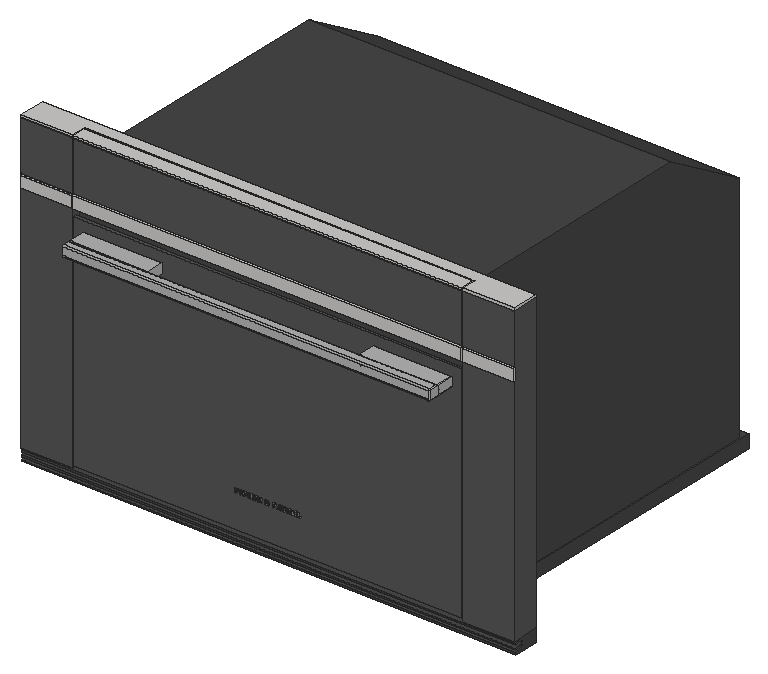
Revit family "FP_Revit_18_OM24NDB1_w_TK30NDB1_Microwave_Oven_w_30in_Trimkit_90000811A", category Specialty Equipment, Revit 2018
Family settings
  Round Connector Dimension = Use Diameter
  Part Type = Normal
  OmniClass Number = 23.40.40.14.17.31
  OmniClass Title = Small Specialized Cooking Equipment
  Work Plane-Based = No
  Always vertical = Yes
  Cut with Voids When Loaded = Yes
  Shared = No
  Room Calculation Point = No
Parameters (values of type "OM24NDB1 + TK30NDB1")
  Visibility - Clearance Required = yes
  URL = "www.fisherpaykel.com"
  Product - Width = 757 mm  # constant formula
  Product - Height = 478 mm  # constant formula
  Product - Depth = 614 mm  # constant formula
  Model = "OM24NDB1 + TK30NDB1"
  Material - Trim = Fisher & Paykel - Stainless Steel
  Material - Structure = Fisher & Paykel - Black
  Material - Handle = Fisher & Paykel - Aluminium
  Material - Glass = Fisher & Paykel - Glass, Black
  Material - Body = Fisher & Paykel - Black
  Manufacturer = "Fisher & Paykel Appliances"
  FFL Offset [instance] = 900 mm
  Description = "24\" Microwave Oven + 30\" Trimkit"
  Connector Description - Electrical = "120/240 V or 12/208 V, 60 Hz, 13 or 14 A"
  Chassis - Width = 560 mm  # constant formula
  Chassis - Height = 446 mm  # constant formula
  Chassis - Depth = 540 mm  # constant formula
  Cavity - Width = 560 mm  # constant formula
  Cavity - Height = 480 mm  # constant formula
  Cavity - Depth = 560 mm  # constant formula
Reference planes
  plane 1 "Center (Front/Back)": y = 0
  plane 2: z = 0
  plane 3 "Center (Left/Right)": x = 0
  plane 4: z = 1380
  plane 5: z = 1378
  plane 6 "Product LHS": x = -378.5
  plane 7 "Product RHS": x = 378.5
  plane 8 "Product - Depth": y = 0
  plane 9 "Cavity LHS": x = -380
  plane 10 "Cavity RHS": x = 380
  plane 11 "Cavity - Depth": y = 560
  plane 12 "Front Face": y = -41.5
  plane 13 "Chassis - Height": z = 0
  plane 14 "Product Depth": y = 540
  plane 15 "FFL Offset": z = 900
Forms (mm)
  Extrusion 1, void
    sketch origin (0, 0, 0) x (0, 1, 0) y (0, 0, 1)
      loop
        line (-41.5, 1380) -> (-41.5, 900) -> (0, 900) -> (0, 1380) -> (-41.5, 1380)
    from -380 to 380
  Extrusion 2, void
    sketch origin (0, 0, 0) x (0, 1, 0) y (0, 0, 1)
      loop
        line (560, 1370) -> (0, 1370) -> (0, 900) -> (560, 900) -> (560, 1370)
    from -280 to 280
Text (mm)
  text "Due to ongoing product development, product details are subject to change without notice. \nPlease always refer to www.fisherpaykel.com for the most current product information. \n© Fisher & Paykel 2020" at (41.04, -413.295, 0), in view "Ref. Level (Plan)"
Dimensions and locks
  equal spacing: plane 6 "Product LHS", plane 3 "Center (Left/Right)", plane 7 "Product RHS"
  "Product - Width": plane 6 "Product LHS" to plane 7 "Product RHS"
  equal spacing: plane 9 "Cavity LHS", plane 3 "Center (Left/Right)", plane 10 "Cavity RHS"
  locked: plane 9 "Cavity LHS" to plane 10 "Cavity RHS" at 760
  plane 12 "Front Face" to plane 1 "Center (Front/Back)" = 41.5 mm
  "Chassis - Depth": plane 1 "Center (Front/Back)" to plane 14 "Product Depth"
  "FFL Offset": plane 15 "FFL Offset" to level
  "Cavity - Depth": plane 1 "Center (Front/Back)" to plane 11 "Cavity - Depth"
  "Product - Height": plane 5 to plane 15 "FFL Offset"
  "Cavity - Height": plane 4 to plane 15 "FFL Offset"
  "Cavity - Width": Extrusion 2 to Extrusion 2
  aligned and locked: level to plane 2
  aligned and locked: plane 15 "FFL Offset" to nested 2
  aligned and locked: nested 2 to plane 8 "Product - Depth"
  aligned and locked: plane 12 "Front Face" to nested 2
  aligned and locked: plane 12 "Front Face" to Extrusion 1 sketch curve
  aligned and locked: Extrusion 1 sketch curve to plane 8 "Product - Depth"
  aligned and locked: plane 15 "FFL Offset" to Extrusion 1 sketch curve
  aligned and locked: Extrusion 1 sketch curve to plane 4
  aligned and locked: Extrusion 1 to plane 10 "Cavity RHS"
  aligned and locked: plane 9 "Cavity LHS" to Extrusion 1
  aligned and locked: Extrusion 2 sketch curve to plane 8 "Product - Depth"
  aligned and locked: Extrusion 2 sketch curve to plane 15 "FFL Offset"
  aligned and locked: plane 11 "Cavity - Depth" to Extrusion 2 sketch curve
  aligned and locked: Extrusion 2 sketch curve to nested 2
Nested families
  nested 1: "FP_Revit_18_OM24NDB1_Microwave_Oven_90000811A" at (0, -19.5, 20), FFL Offset <- "FFL Offset", type "OM24NDB1"
    with FFL Offset 900 mm
  nested 2: "FP_Revit_18_TK30ND_Trimkits_90001187A" at (0, 0, 0), FFL Offset <- "FFL Offset", type "TK30NDB1"
    with FFL Offset 900 mm
Connectors
  electrical at (-193.854, 529.119, 959.454), driven by "Connector Description - Electrical"
    settings: on nested 1, index 1, voltage 120 V, apparent load 0 VA, apparent load phase1 0 VA, apparent load phase2 0 VA, apparent load phase3 0 VA, power factor 1, load classification "Other", number of poles 1, system type 30, power factor state 1, is connector primary yes, connector utility no, sub classification motor no, connector description "120/240 V or 12/208 V, 60 Hz, 13 or 14 A"
Definition of nested family "FP_Revit_18_OM24NDB1_Microwave_Oven_90000811A"
  Parameters (values of type "OM24NDBB1")
    Visibility - Clearance Required = yes
    URL = "www.fisherpaykel.com"
    Product - Width = 596 mm  # constant formula
    Product - Height = 458 mm  # constant formula
    Product - Depth = 562 mm  # constant formula
    Model = "OM24NDBB1"
    Material - Trim = none
    Material - Structure = none
    Material - Handle = none
    Material - Glass = none
    Material - Body = none
    Manufacturer = "Fisher & Paykel Appliances"
    FFL Offset [instance] = 900 mm
    Description = "24\" Microwave Oven"
    Connector Description - Electrical = "120/240 V or 12/208 V, 60 Hz, 13 or 14 A"
    Chassis - Width = 556 mm  # constant formula
    Chassis - Height = 446 mm  # constant formula
    Chassis - Depth = 540 mm  # constant formula
    Cavity - Width = 600 mm  # constant formula
    Cavity - Height = 460 mm  # constant formula
    Cavity - Depth = 560 mm  # constant formula
  Types (4, lengths in mm): name | Model | Description | Connector Description - Electrical
    OS24NDB1 | "OS24NDB1" | "24\" Steam Oven" | "208 V or 240 V, 60 Hz, 10.8 or 12.5 A"
    OM24NDB1 | "OM24NDB1" | "24\" Microwave Oven" | "120/240 V or 12/208 V, 60 Hz, 13 or 14 A"
    OM24NDBB1 | "OM24NDBB1" | "24\" Microwave Oven" | "120/240 V or 12/208 V, 60 Hz, 13 or 14 A"
    OS24NDBB1 | "OS24NDBB1" | "24\" Steam Oven" | "208 V or 240 V, 60 Hz, 10.8 or 12.5 A"
  Reference planes
    plane 1 "Center (Front/Back)": y = 0
    plane 2: z = 0
    plane 3 "Center (Left/Right)": x = 0
    plane 4: z = 1360
    plane 5: z = 1358
    plane 6 "Product LHS": x = -298
    plane 7 "Product RHS": x = 298
    plane 8 "Product - Depth": y = 0
    plane 9 "Cavity LHS": x = -300
    plane 10 "Cavity RHS": x = 300
    plane 11 "Cavity - Depth": y = 560
    plane 12 "Front Face": y = -22
    plane 13 "Chassis - Height": z = 0
    plane 14 "Product Depth": y = 540
    plane 15 "FFL Offset": z = 900
  Forms (mm)
    Extrusion 1, solid, material <- "Material - Body"
      sketch origin (0, 0, 0) x (0, 1, 0) y (0, 0, 1)
        loop
          line (0, 1346) -> (0, 907.28) -> (5.16, 907.28) -> (5.16, 900) -> (534.187, 900) -> (534.187, 1257.991) -> (403.295, 1336.64) -> (24.316, 1336.64) -> (8.71, 1346) -> (0, 1346)
      from -278 to 278
    Extrusion 2, solid, material <- "Material - Structure", detail levels fine
      sketch origin (0, 0, 0) x (0, 1, 0) y (0, 0, 1)
        loop
          line (0, 1353.9) -> (-2, 1353.9) -> (-2, 1355) -> (-18, 1355) -> (-18, 1258) -> (-9.89, 1258) -> (-9.89, 907.28) -> (0, 907.28) -> (0, 1353.9)
      from -298 to 298
    Extrusion 3, solid, material <- "Material - Trim", detail levels fine
      sketch origin (0, 0, 0) x (0, 1, 0) y (0, 0, 1)
        loop
          line (-22, 1358) -> (-22, 1355) -> (-2, 1355) -> (-2, 1358) -> (-22, 1358)
      from -298 to 298
    Extrusion 4, solid, material <- "Material - Glass", detail levels fine
      sketch origin (0, 0, 0) x (0, 1, 0) y (0, 0, 1)
        loop
          line (-18, 1355) -> (-20.262, 1355)
          arc (-20.262, 1355) -> (-21.236, 1354.682) -> (-22, 1354) r 2.5
          line (-22, 1354) -> (-22, 1258) -> (-18, 1258) -> (-18, 1355)
      from -298 to 298
    Extrusion 5, solid, material <- "Material - Glass", detail levels fine
      sketch origin (0, 0, 0) x (0, 1, 0) y (0, 0, 1)
        loop
          line (-22, 1246.53) -> (-22, 904.53) -> (-18, 904.53) -> (-18, 1246.53) -> (-22, 1246.53)
      from -298 to 298
    Extrusion 6, solid, material <- "Material - Structure", detail levels fine
      sketch origin (0, 0, 0) x (0, 1, 0) y (0, 0, 1)
        loop
          line (-18, 1229.33) -> (-18, 907.28) -> (-9.89, 907.28) -> (-9.89, 1229.33) -> (-18, 1229.33)
      from -278 to 278
    Extrusion 7, void
      sketch origin (0, 0, 0) x (1, 0, 0) y (0, 0, 1)
        loop
          line (-158.462, 1052.91) -> (-229.24, 1052.91)
          arc (-229.24, 1052.91) -> (-232.776, 1051.446) -> (-234.24, 1047.91) r 5
          line (-234.24, 1047.91) -> (-234.24, 955.13)
          arc (-234.24, 955.13) -> (-232.776, 951.594) -> (-229.24, 950.13) r 5
          line (-229.24, 950.13) -> (-158.462, 950.13)
          arc (-158.462, 950.13) -> (-154.926, 951.594) -> (-153.462, 955.13) r 5
          line (-153.462, 955.13) -> (-153.462, 1047.91)
          arc (-153.462, 1047.91) -> (-154.926, 1051.446) -> (-158.462, 1052.91) r 5
      from -539.6 to -521.6
    Sweep 8, void
      path in 3D
        loop
          arc (-153.462, 521.6, 955.13) -> (-154.926, 521.6, 951.594) -> (-158.462, 521.6, 950.13) r 5
          line (-158.462, 521.6, 950.13) -> (-229.24, 521.6, 950.13)
          arc (-229.24, 521.6, 950.13) -> (-232.776, 521.6, 951.594) -> (-234.24, 521.6, 955.13) r 5
          line (-234.24, 521.6, 955.13) -> (-234.24, 521.6, 1047.91)
          arc (-234.24, 521.6, 1047.91) -> (-232.776, 521.6, 1051.446) -> (-229.24, 521.6, 1052.91) r 5
          line (-229.24, 521.6, 1052.91) -> (-158.462, 521.6, 1052.91)
          arc (-158.462, 521.6, 1052.91) -> (-154.926, 521.6, 1051.446) -> (-153.462, 521.6, 1047.91) r 5
          line (-153.462, 521.6, 1047.91) -> (-153.462, 521.6, 955.13)
      profile origin (-153.462, 521.6, 1001.52) x (-1, 0, 0) y (0, -1, 0)
        loop
          line (0, 0) -> (-21.3, -12.587) -> (0, -12.587) -> (0, 0)
    Extrusion 9, solid, material <- "Material - Body", detail levels medium+fine
      sketch origin (0, 0, -100) x (1, 0, 0) y (0, 0, 1)
        loop
          line (-175.354, 1115.273) -> (-212.354, 1115.273) -> (-212.354, 1057.273) -> (-175.354, 1057.273) -> (-175.354, 1115.273)
      from -540 to -521.6
    Extrusion 10, solid, material <- "Material - Trim", detail levels fine
      sketch origin (0, 0, 0) x (0, 1, 0) y (0, 0, 1)
        loop
          line (-22, 1258) -> (-22, 1277.8) -> (-22.8, 1277.8) -> (-23.7, 1275.5) -> (-23.7, 1258) -> (-22, 1258)
      from -298 to 298
    Extrusion 11, solid, visible <- "Visibility - Clearance Required", detail levels coarse
      sketch origin (0, 0, 0) x (1, 0, 0) y (0, 1, 0)
        loop
          line (-280, 0) -> (280, 0) -> (280, 548.619) -> (-280, 548.619) -> (-280, 0)
      from 900 to 1360
    Extrusion 12, solid, visible <- "Visibility - Clearance Required", detail levels coarse
      sketch origin (0, 0, 0) x (0, 1, 0) y (0, 0, 1)
        loop
          arc (-22, 1246.53) -> (-241.159, 1161.206) -> (-341.563, 948.532) r 317.644
          line (-341.563, 948.532) -> (-326.406, 946.445) -> (-332.106, 905.048) -> (-316.871, 902.951) -> (-311.171, 944.347) -> (-22, 904.53) -> (-22, 900) -> (0, 900) -> (0, 1360) -> (-22, 1360) -> (-22, 1246.53)
      from -300 to 300
    Sweep 13, solid, material <- "Material - Body", detail levels fine
      path origin (0, 0, -100) x (0, 1, 0) y (0, 0, 1)
        loop
          arc (530.8, 1057.273) -> (536.019, 1044.673) -> (548.619, 1039.454) r 17.819
      profile origin (0, 536.019, 944.673) x (0, 0.707107, 0.707107) y (1, 0, 0)
        loop
          circle (0, -193.854) r 5
    Extrusion 14, solid, material <- "Material - Glass", detail levels coarse+medium
      sketch origin (0, 0, 0) x (0, 1, 0) y (0, 0, 1)
        loop
          line (-22, 1358) -> (-22, 1258) -> (-9.89, 1258) -> (-9.89, 1229.33) -> (-18, 1229.33) -> (-18, 1246.53) -> (-22, 1246.53) -> (-22, 904.53) -> (-18, 904.53) -> (-18, 907.28) -> (0, 907.28) -> (0, 1353.9) -> (-2, 1353.9) -> (-2, 1358) -> (-22, 1358)
      from -298 to 298
    Extrusion 15, solid, material <- "Material - Body", not visible, detail levels medium+fine
      sketch origin (0, 0, 0) x (1, 0, 0) y (0, 0, 1)
        loop
          line (-175.354, 1115.273) -> (-212.354, 1115.273) -> (-212.354, 1057.273) -> (-175.354, 1057.273) -> (-175.354, 1115.273)
      from -540 to -521.6
    Sweep 16, solid, material <- "Material - Body", not visible, detail levels fine
      path origin (0, 0, 0) x (0, 1, 0) y (0, 0, 1)
        loop
          arc (530.8, 1057.273) -> (536.019, 1044.673) -> (548.619, 1039.454) r 17.819
      profile origin (0, 536.019, 1044.673) x (0, 0.707107, 0.707107) y (1, 0, 0)
        loop
          circle (0, -193.854) r 5
    Extrusion 17, void
      sketch origin (0, 0, 0) x (1, 0, 0) y (0, 1, 0)
        loop
          line (-280, 0) -> (280, 0) -> (280, 548.619) -> (-280, 548.619) -> (-280, 0)
      from 900 to 1360
    Extrusion 18, solid, visible <- "Visibility - Clearance Required", detail levels coarse
      sketch origin (0, 0, 0) x (0, 1, 0) y (0, 0, 1)
        loop
          arc (-22, 1246.53) -> (-241.159, 1161.206) -> (-341.563, 948.532) r 317.644
          line (-341.563, 948.532) -> (-326.406, 946.445) -> (-332.106, 905.048) -> (-316.871, 902.951) -> (-311.171, 944.347) -> (-22, 904.53) -> (-22, 900) -> (0, 900) -> (0, 1360) -> (-22, 1360) -> (-22, 1246.53)
      from -300 to 300
    Extrusion 19, void
      sketch origin (0, 0, 0) x (0, 1, 0) y (0, 0, 1)
        loop
          line (-22, 1360) -> (-22, 900) -> (0, 900) -> (0, 1360) -> (-22, 1360)
      from -300 to 300
  Cuts and joins
    Extrusion 7, Sweep 8 cuts Extrusion 1
    Extrusion 7 cuts Extrusion 2
    Extrusion 7 cuts Extrusion 5
    Extrusion 7 cuts Extrusion 6
  Lines and regions (mm)
    sketch lines
      curve 1: line (-153.462, 521.6, 1047.91) -> (-153.462, 521.6, 955.13)
      curve 2: arc (-153.462, 521.6, 1047.91) -> (-154.926, 521.6, 1051.446) -> (-158.462, 521.6, 1052.91) r 5
      curve 3: line (-229.24, 521.6, 1052.91) -> (-158.462, 521.6, 1052.91)
      curve 4: arc (-229.24, 521.6, 1052.91) -> (-232.776, 521.6, 1051.446) -> (-234.24, 521.6, 1047.91) r 5
      curve 5: line (-234.24, 521.6, 955.13) -> (-234.24, 521.6, 1047.91)
      curve 6: arc (-234.24, 521.6, 955.13) -> (-232.776, 521.6, 951.594) -> (-229.24, 521.6, 950.13) r 5
      curve 7: arc (-158.462, 521.6, 950.13) -> (-154.926, 521.6, 951.594) -> (-153.462, 521.6, 955.13) r 5
      curve 8: line (-158.462, 521.6, 950.13) -> (-229.24, 521.6, 950.13)
  Text (mm)
    text "Due to ongoing product development, product details are subject to change without notice. \nPlease always refer to www.fisherpaykel.com for the most current product information. \n© Fisher & Paykel 2020" at (41.04, -413.295, 0), in view "Ref. Level (Plan)"
  Dimensions and locks
    equal spacing: plane 6 "Product LHS", plane 3 "Center (Left/Right)", plane 7 "Product RHS"
    "Product - Width": plane 6 "Product LHS" to plane 7 "Product RHS"
    equal spacing: plane 9 "Cavity LHS", plane 3 "Center (Left/Right)", plane 10 "Cavity RHS"
    "Cavity - Width": plane 9 "Cavity LHS" to plane 10 "Cavity RHS"
    "Cavity - Depth": plane 11 "Cavity - Depth" to plane 1 "Center (Front/Back)"
    locked: plane 12 "Front Face" to plane 1 "Center (Front/Back)" at 22
    "Chassis - Depth": plane 1 "Center (Front/Back)" to plane 14 "Product Depth"
    Extrusion 1 sketch curve to plane 14 "Product Depth" = 5.813 mm
    equal spacing: cut or joined group of Extrusion 1, Extrusion 7, Sweep 8, plane 3 "Center (Left/Right)", cut or joined group of Extrusion 1, Extrusion 7, Sweep 8
    "Chassis - Width": cut or joined group of Extrusion 1, Extrusion 7, Sweep 8 to cut or joined group of Extrusion 1, Extrusion 7, Sweep 8
    "FFL Offset": plane 15 "FFL Offset" to level
    locked: nested 2 to plane 15 "FFL Offset" at 61.04
    locked: cut or joined group of Extrusion 1, Extrusion 7, Sweep 8 to plane 15 "FFL Offset" at 7.28
    locked: Extrusion 14 to plane 15 "FFL Offset" at 4.53
    locked: cut or joined group of Extrusion 1, Extrusion 7, Sweep 8 to plane 15 "FFL Offset" at 436.64
    "Chassis - Height": cut or joined group of Extrusion 1, Extrusion 7, Sweep 8 to plane 15 "FFL Offset"
    Extrusion 11 to plane 15 "FFL Offset" = 460 mm
    locked: plane 15 "FFL Offset" to Extrusion 9 at 57.273
    locked: plane 15 "FFL Offset" to cut or joined group of Extrusion 1, Extrusion 7, Sweep 8 at 50.13
    "Product - Height": plane 5 to plane 15 "FFL Offset"
    "Cavity - Height": plane 4 to plane 15 "FFL Offset"
    locked: nested 1 to plane 15 "FFL Offset" at 330.978
    locked: plane 5 to Extrusion 14 at 100
    locked: plane 5 to Extrusion 14 at 111.47
    locked: Extrusion 12 sketch curve to plane 15 "FFL Offset" at 4.53
    locked: plane 15 "FFL Offset" to Extrusion 7 sketch curve at 152.91
    locked: plane 15 "FFL Offset" to Extrusion 7 sketch curve at 50.13
    aligned and locked: level to plane 2
    aligned and locked: Extrusion 3 sketch curve to plane 5
    aligned and locked: plane 6 "Product LHS" to Extrusion 5
    aligned and locked: Extrusion 5 to plane 7 "Product RHS"
    aligned and locked: Extrusion 4 to plane 7 "Product RHS"
    aligned and locked: plane 6 "Product LHS" to Extrusion 4
    aligned and locked: plane 6 "Product LHS" to Extrusion 3
    aligned and locked: Extrusion 3 to plane 7 "Product RHS"
    aligned and locked: plane 6 "Product LHS" to Extrusion 2
    aligned and locked: Extrusion 2 to plane 7 "Product RHS"
    aligned and locked: plane 14 "Product Depth" to Extrusion 9
    aligned and locked: cut or joined group of Extrusion 1, Extrusion 7, Sweep 8 to Extrusion 9
    aligned and locked: Extrusion 10 to plane 7 "Product RHS"
    aligned and locked: plane 6 "Product LHS" to Extrusion 10
    aligned and locked: Extrusion 14 to plane 7 "Product RHS"
    aligned and locked: plane 6 "Product LHS" to Extrusion 14
    aligned and locked: Extrusion 1 to plane 15 "FFL Offset"
    aligned and locked: Extrusion 11 to cut or joined group of Extrusion 1, Extrusion 7, Sweep 8
    aligned and locked: Extrusion 14 to cut or joined group of Extrusion 1, Extrusion 7, Sweep 8
    aligned and locked: Extrusion 2 to cut or joined group of Extrusion 1, Extrusion 7, Sweep 8
    aligned and locked: Extrusion 6 to cut or joined group of Extrusion 1, Extrusion 7, Sweep 8
    aligned and locked: plane 5 to Extrusion 3
    aligned and locked: plane 5 to Extrusion 14
    aligned and locked: Extrusion 10 to Extrusion 4
    aligned and locked: Extrusion 14 to Extrusion 4
    aligned and locked: Extrusion 4 to cut or joined group of Extrusion 2, Extrusion 7
    aligned and locked: Extrusion 5 to Extrusion 14  (x2)
    aligned and locked: plane 4 to Extrusion 11
    aligned and locked: Extrusion 11 to Sweep 13
    aligned and locked: Extrusion 12 sketch curve to plane 15 "FFL Offset"
    aligned and locked: Extrusion 12 sketch curve to plane 4
    aligned and locked: plane 4 to Extrusion 17
    aligned and locked: Extrusion 17 to cut or joined group of Extrusion 1, Extrusion 7, Sweep 8
    aligned and locked: plane 15 "FFL Offset" to Extrusion 19 sketch curve
    aligned and locked: Extrusion 19 sketch curve to plane 4
  Automatic sketch dimensions
    Extrusion 9 sketch curve to Extrusion 9 sketch curve = 37 mm
    Extrusion 9 sketch curve to Extrusion 9 sketch curve = 58 mm
    Sweep 13 sketch curve to profile plane = 0 mm
    Sweep 13 sketch curve to Sweep 13 sketch curve = 17.819 mm
    Sweep 13 sketch curve to profile plane = 193.854 mm
    Extrusion 15 sketch curve to Extrusion 15 sketch curve = 37 mm
    Extrusion 15 sketch curve to Extrusion 15 sketch curve = 58 mm
    Sweep 16 sketch curve to profile plane = 0 mm
    Sweep 16 sketch curve to Sweep 16 sketch curve = 17.819 mm
    Sweep 16 sketch curve to profile plane = 193.854 mm
    Extrusion 1 sketch curve to plane 1 "Center (Front/Back)" = 0 mm
    Extrusion 1 sketch curve to plane 15 "FFL Offset" = 0 mm
    Extrusion 1 sketch curve to plane 1 "Center (Front/Back)" = 5.16 mm
    Extrusion 1 sketch curve to Extrusion 1 sketch curve = 8.71 mm
    Extrusion 1 sketch curve to Extrusion 1 sketch curve = 15.606 mm
    Extrusion 1 sketch curve to plane 5 = 21.36 mm
    Extrusion 1 sketch curve to plane 14 "Product Depth" = 136.705 mm
    Extrusion 1 sketch curve to Extrusion 1 sketch curve = 7.28 mm
    Extrusion 1 sketch curve to plane 5 = 100.009 mm
    Extrusion 1 sketch curve to plane 5 = 12 mm
    Extrusion 2 sketch curve to plane 1 "Center (Front/Back)" = 0 mm
    plane 1 "Center (Front/Back)" to Extrusion 2 sketch curve = 2 mm
    plane 1 "Center (Front/Back)" to Extrusion 2 sketch curve = 9.89 mm
    plane 12 "Front Face" to Extrusion 2 sketch curve = 4 mm
    plane 15 "FFL Offset" to Extrusion 2 sketch curve = 7.28 mm
    Extrusion 2 sketch curve to plane 5 = 100 mm
    Extrusion 2 sketch curve to plane 5 = 4.1 mm
    Extrusion 2 sketch curve to Extrusion 2 sketch curve = 1.1 mm
    Extrusion 3 sketch curve to plane 12 "Front Face" = 0 mm
    plane 1 "Center (Front/Back)" to Extrusion 3 sketch curve = 2 mm
    Extrusion 3 sketch curve to plane 5 = 3 mm
    Extrusion 4 sketch curve to plane 12 "Front Face" = 0 mm
    plane 12 "Front Face" to Extrusion 4 sketch curve = 1.738 mm
    plane 12 "Front Face" to Extrusion 4 sketch curve = 2.011 mm
    plane 12 "Front Face" to Extrusion 4 sketch curve = 4 mm
    Extrusion 4 sketch curve to plane 5 = 100 mm
    Extrusion 4 sketch curve to plane 5 = 5.485 mm
    Extrusion 4 sketch curve to Extrusion 4 sketch curve = 1.485 mm
    Extrusion 5 sketch curve to plane 12 "Front Face" = 0 mm
    plane 12 "Front Face" to Extrusion 5 sketch curve = 4 mm
    plane 15 "FFL Offset" to Extrusion 5 sketch curve = 4.53 mm
    Extrusion 5 sketch curve to plane 5 = 111.47 mm
    plane 12 "Front Face" to Extrusion 6 sketch curve = 4 mm
    Extrusion 6 sketch curve to Extrusion 6 sketch curve = 8.11 mm
    plane 15 "FFL Offset" to Extrusion 6 sketch curve = 7.28 mm
    Extrusion 6 sketch curve to plane 5 = 128.67 mm
    Extrusion 7 sketch curve to plane 6 "Product LHS" = 63.76 mm
    Extrusion 7 sketch curve to Extrusion 7 sketch curve = 5 mm  (x3)
    Extrusion 7 sketch curve to Extrusion 7 sketch curve = 70.778 mm  (x2)
    Sweep 8 sketch curve to profile plane = 0 mm  (x2)
    Sweep 8 sketch curve to profile plane = 21.3 mm
    profile plane to Sweep 8 sketch curve = 12.587 mm
    Extrusion 10 sketch curve to plane 12 "Front Face" = 0 mm
    Extrusion 10 sketch curve to Extrusion 10 sketch curve = 0.8 mm
    Extrusion 10 sketch curve to plane 12 "Front Face" = 1.7 mm
    Extrusion 10 sketch curve to plane 5 = 100 mm
    Extrusion 10 sketch curve to Extrusion 10 sketch curve = 17.5 mm
    Extrusion 10 sketch curve to Extrusion 10 sketch curve = 2.3 mm
    plane 1 "Center (Front/Back)" to Extrusion 11 sketch curve = 0 mm
    plane 14 "Product Depth" to Extrusion 11 sketch curve = 8.619 mm
    Extrusion 11 sketch curve to plane 6 "Product LHS" = 18 mm
    plane 7 "Product RHS" to Extrusion 11 sketch curve = 18 mm
    Extrusion 12 sketch curve to plane 12 "Front Face" = 0 mm  (x2)
    Extrusion 12 sketch curve to plane 1 "Center (Front/Back)" = 0 mm
    Extrusion 12 sketch curve to plane 12 "Front Face" = 2.526 mm
    plane 15 "FFL Offset" to Extrusion 12 sketch curve = 44.347 mm
    Extrusion 12 sketch curve to Extrusion 12 sketch curve = 286.644 mm
    plane 15 "FFL Offset" to Extrusion 12 sketch curve = 2.951 mm
    plane 15 "FFL Offset" to Extrusion 12 sketch curve = 46.445 mm
    Extrusion 12 sketch curve to Extrusion 12 sketch curve = 15.235 mm
    plane 15 "FFL Offset" to Extrusion 12 sketch curve = 48.532 mm
    Extrusion 12 sketch curve to Extrusion 12 sketch curve = 24.366 mm
    Extrusion 14 sketch curve to plane 5 = 0 mm
    Extrusion 14 sketch curve to plane 12 "Front Face" = 0 mm  (x2)
    Extrusion 14 sketch curve to plane 1 "Center (Front/Back)" = 0 mm
    plane 12 "Front Face" to Extrusion 14 sketch curve = 4 mm  (x2)
    plane 1 "Center (Front/Back)" to Extrusion 14 sketch curve = 9.89 mm
    plane 1 "Center (Front/Back)" to Extrusion 14 sketch curve = 2 mm
    Extrusion 14 sketch curve to plane 5 = 4.1 mm
    Extrusion 14 sketch curve to Extrusion 14 sketch curve = 95.9 mm
    Extrusion 14 sketch curve to Extrusion 14 sketch curve = 11.47 mm
    Extrusion 14 sketch curve to Extrusion 14 sketch curve = 17.2 mm
    plane 15 "FFL Offset" to Extrusion 14 sketch curve = 7.28 mm
    Extrusion 14 sketch curve to Extrusion 14 sketch curve = 2.75 mm
    plane 1 "Center (Front/Back)" to Extrusion 17 sketch curve = 0 mm
    plane 14 "Product Depth" to Extrusion 17 sketch curve = 8.619 mm
    Extrusion 17 sketch curve to plane 6 "Product LHS" = 18 mm
    plane 7 "Product RHS" to Extrusion 17 sketch curve = 18 mm
    Extrusion 18 sketch curve to plane 12 "Front Face" = 0 mm  (x2)
    Extrusion 18 sketch curve to plane 1 "Center (Front/Back)" = 0 mm
    Extrusion 18 sketch curve to plane 15 "FFL Offset" = 0 mm
    Extrusion 18 sketch curve to plane 4 = 0 mm
    Extrusion 18 sketch curve to plane 12 "Front Face" = 2.526 mm
    plane 15 "FFL Offset" to Extrusion 18 sketch curve = 44.347 mm
    Extrusion 18 sketch curve to Extrusion 18 sketch curve = 286.644 mm
    plane 15 "FFL Offset" to Extrusion 18 sketch curve = 2.951 mm
    Extrusion 18 sketch curve to Extrusion 18 sketch curve = 5.7 mm
    plane 15 "FFL Offset" to Extrusion 18 sketch curve = 46.445 mm
    Extrusion 18 sketch curve to Extrusion 18 sketch curve = 15.235 mm
    plane 15 "FFL Offset" to Extrusion 18 sketch curve = 48.532 mm
    Extrusion 18 sketch curve to Extrusion 18 sketch curve = 24.366 mm
    Extrusion 19 sketch curve to plane 12 "Front Face" = 0 mm
    Extrusion 19 sketch curve to plane 1 "Center (Front/Back)" = 0 mm
    radius of Sweep 13 sketch curve = 5 mm
    radius of Sweep 16 sketch curve = 5 mm
  Nested families
    nested 1: "F&P Handle Contemporary Square OB60-24" at (0, -22, 1223), type "Aluminium"
    nested 2: "F&P Logo 100mm" at (0, -22, 955), type "F&P Logo 100mm"
  Connectors
    electrical at (-193.854, 548.619, 939.454), driven by "Connector Description - Electrical"
      settings: on Sweep 13, index 1, voltage 120 V, apparent load 0 VA, apparent load phase1 0 VA, apparent load phase2 0 VA, apparent load phase3 0 VA, power factor 1, load classification none, number of poles 1, system type 30, power factor state 1, is connector primary yes, connector utility no, sub classification motor no, connector description "120/240 V or 12/208 V, 60 Hz, 13 or 14 A"
  Definition of nested family "F&P Handle Contemporary Square OB60-24"
    Parameters (values of type "Aluminium Dark")
      URL = "www.fisherpaykel.com"
      Material - Handle = none
      Manufacturer = "Fisher & Paykel Appliances"
      Handle - Length = 565 mm
    Types (2): name
      Aluminium
      Aluminium Dark
    Reference planes
      plane 1 "Center (Front/Back)": y = 0
      plane 2: z = 0
      plane 3 "Center (Left/Right)": x = 0
      plane 4 "Product LHS": x = -282.5
      plane 5 "Product RHS": x = 282.5
      plane 6 "LHS Standoff": x = -162.495
      plane 7 "RHS Standoff": x = 162.505
    Forms (mm)
      Extrusion 1, solid, material <- "Material - Handle", detail levels fine
        sketch origin (0, 0, 0) x (0, 1, 0) y (0, 0, 1)
          loop
            arc (-28.701, 7.561) -> (-29.057, 7.868) -> (-29.514, 7.978) r 1
            line (-29.514, 7.978) -> (-40.5, 7.978)
            arc (-40.5, 7.978) -> (-41.561, 7.539) -> (-42, 6.478) r 1.5
            line (-42, 6.478) -> (-42, -6.522)
            arc (-42, -6.522) -> (-41.561, -7.583) -> (-40.5, -8.022) r 1.5
            line (-40.5, -8.022) -> (-29.487, -8.022)
            arc (-29.487, -8.022) -> (-29.029, -7.911) -> (-28.673, -7.602) r 1
            arc (-28.673, -7.602) -> (-26.256, -0.016) -> (-28.701, 7.561) r 13.038
        from -282.5 to 282.5
      Extrusion 2, solid, material <- "Material - Handle", detail levels fine
        sketch origin (0, 0, 0) x (0, 1, 0) y (0, 0, 1)
          loop
            arc (-28.23, 7.062) -> (-26.156, 0.008) -> (-28.198, -7.056) r 13.136
            arc (-28.198, -7.056) -> (-28.21, -7.463) -> (-27.86, -7.67) r 0.4
            line (-27.86, -7.67) -> (0, -7.67) -> (0, 7.678) -> (-27.893, 7.678)
            arc (-27.893, 7.678) -> (-28.244, 7.47) -> (-28.23, 7.062) r 0.4
        from 162.505 to 282.5
      Extrusion 3, solid, material <- "Material - Handle", detail levels fine
        sketch origin (0, 0, 0) x (0, 1, 0) y (0, 0, -1)
          loop
            arc (-28.23, -7.062) -> (-28.244, -7.47) -> (-27.893, -7.678) r 0.4
            line (-27.893, -7.678) -> (0, -7.678) -> (0, 7.67) -> (-27.86, 7.67)
            arc (-27.86, 7.67) -> (-28.21, 7.463) -> (-28.198, 7.056) r 0.4
            arc (-28.198, 7.056) -> (-26.156, -0.008) -> (-28.23, -7.062) r 13.136
        from 162.495 to 282.5
      Sweep 4, void
        path in 3D
          loop
            line (282.5, -29.514, 7.978) -> (282.5, -40.5, 7.978)
            arc (282.5, -40.5, 7.978) -> (282.5, -41.561, 7.539) -> (282.5, -42, 6.478) r 1.5
            line (282.5, -42, 6.478) -> (282.5, -42, -6.522)
            arc (282.5, -42, -6.522) -> (282.5, -41.561, -7.583) -> (282.5, -40.5, -8.022) r 1.5
            line (282.5, -40.5, -8.022) -> (282.5, -29.487, -8.022)
        profile origin (282.5, -35.007, 7.978) x (1, 0, 0) y (0, 0, 1)
          loop
            line (0, 0) -> (-1.3, 0) -> (0, -1.3) -> (0, 0)
      Sweep 5, void
        path in 3D
          loop
            line (-282.5, -29.487, -8.022) -> (-282.5, -40.5, -8.022)
            arc (-282.5, -40.5, -8.022) -> (-282.5, -41.561, -7.583) -> (-282.5, -42, -6.522) r 1.5
            line (-282.5, -42, -6.522) -> (-282.5, -42, 6.478)
            arc (-282.5, -42, 6.478) -> (-282.5, -41.561, 7.539) -> (-282.5, -40.5, 7.978) r 1.5
            line (-282.5, -40.5, 7.978) -> (-282.5, -29.514, 7.978)
        profile origin (-282.5, -35.007, 7.978) x (-1, 0, 0) y (0, 0, 1)
          loop
            line (0, 0) -> (-1.3, 0) -> (0, -1.3) -> (0, 0)
      Extrusion 6, void
        sketch origin (0, 0, 0) x (1, 0, 0) y (0, 0, 1)
          loop
            line (282.5, 7.978) -> (281.2, 7.978) -> (282.5, 6.678) -> (282.5, 7.978)
          loop
            line (282.5, -8.022) -> (282.5, -6.722) -> (281.2, -8.022) -> (282.5, -8.022)
        from 0 to 40
      Extrusion 7, void
        sketch origin (0, 0, 0) x (1, 0, 0) y (0, 0, 1)
          loop
            line (-282.5, 7.978) -> (-282.5, 6.678) -> (-281.2, 7.978) -> (-282.5, 7.978)
          loop
            line (-282.5, -8.022) -> (-281.2, -8.022) -> (-282.5, -6.722) -> (-282.5, -8.022)
        from 0 to 40
      Extrusion 8, solid, material <- "Material - Handle", detail levels coarse+medium
        sketch origin (0, 0, 0) x (1, 0, 0) y (0, 1, 0)
          loop
            line (-282.5, -42) -> (282.5, -42) -> (282.5, 0) -> (162.505, 0) -> (162.505, -26.156) -> (-162.495, -26.156) -> (-162.495, 0) -> (-282.5, 0) -> (-282.5, -42)
        from -8.022 to 7.978
    Cuts and joins
      Sweep 4, Sweep 5, Extrusion 6, Extrusion 7 cuts Extrusion 1
      Extrusion 6 cuts Extrusion 2
      Extrusion 7 cuts Extrusion 3
    Lines and regions (mm)
      sketch lines
        curve 1: line (282.5, -29.514, 7.978) -> (282.5, -40.5, 7.978)
        curve 2: arc (282.5, -42, 6.478) -> (282.5, -41.561, 7.539) -> (282.5, -40.5, 7.978) r 1.5
        curve 3: line (282.5, -42, 6.478) -> (282.5, -42, -6.522)
        curve 4: arc (282.5, -40.5, -8.022) -> (282.5, -41.561, -7.583) -> (282.5, -42, -6.522) r 1.5
        curve 5: line (282.5, -40.5, -8.022) -> (282.5, -29.487, -8.022)
        curve 6: line (-282.5, -40.5, 7.978) -> (-282.5, -29.514, 7.978)
        curve 7: arc (-282.5, -40.5, 7.978) -> (-282.5, -41.561, 7.539) -> (-282.5, -42, 6.478) r 1.5
        curve 8: line (-282.5, -42, -6.522) -> (-282.5, -42, 6.478)
        curve 9: arc (-282.5, -42, -6.522) -> (-282.5, -41.561, -7.583) -> (-282.5, -40.5, -8.022) r 1.5
        curve 10: line (-282.5, -29.487, -8.022) -> (-282.5, -40.5, -8.022)
    Dimensions and locks
      equal spacing: plane 4 "Product LHS", plane 3 "Center (Left/Right)", plane 5 "Product RHS"
      "Handle - Length": plane 4 "Product LHS" to plane 5 "Product RHS"
      locked: plane 4 "Product LHS" to plane 6 "LHS Standoff" at 120.005
      locked: plane 7 "RHS Standoff" to plane 5 "Product RHS" at 119.995
      aligned and locked: level to plane 2
      aligned and locked: Extrusion 1 to plane 5 "Product RHS"
      aligned and locked: plane 4 "Product LHS" to Extrusion 1
      aligned and locked: Extrusion 2 to plane 5 "Product RHS"
      aligned and locked: plane 4 "Product LHS" to Extrusion 3
      aligned and locked: plane 4 "Product LHS" to Extrusion 8 sketch curve
      aligned and locked: Extrusion 8 sketch curve to plane 5 "Product RHS"
      aligned and locked: Extrusion 8 sketch curve to plane 7 "RHS Standoff"
      aligned and locked: plane 6 "LHS Standoff" to Extrusion 8 sketch curve
      aligned and locked: Extrusion 2 to plane 7 "RHS Standoff"
      aligned and locked: plane 6 "LHS Standoff" to Extrusion 3
    Automatic sketch dimensions
      Extrusion 1 sketch curve to level = 6.522 mm
      plane 1 "Center (Front/Back)" to Extrusion 1 sketch curve = 42 mm
      Extrusion 1 sketch curve to Extrusion 1 sketch curve = 1.5 mm  (x2)
      Extrusion 1 sketch curve to level = 0.04 mm
      Extrusion 1 sketch curve to Extrusion 1 sketch curve = 1.206 mm
      level to Extrusion 1 sketch curve = 6.978 mm
      Extrusion 1 sketch curve to Extrusion 1 sketch curve = 10.986 mm
      Extrusion 1 sketch curve to Extrusion 1 sketch curve = 11.013 mm
      Extrusion 1 sketch curve to Extrusion 1 sketch curve = 1 mm
      level to Extrusion 1 sketch curve = 6.478 mm
      Extrusion 1 sketch curve to Extrusion 1 sketch curve = 0 mm
      Extrusion 2 sketch curve to plane 1 "Center (Front/Back)" = 0 mm
      Extrusion 2 sketch curve to level = 7.67 mm
      Extrusion 2 sketch curve to Extrusion 2 sketch curve = 27.86 mm
      level to Extrusion 2 sketch curve = 7.678 mm
      Extrusion 2 sketch curve to Extrusion 2 sketch curve = 0.033 mm
      Extrusion 2 sketch curve to level = 0.022 mm
      Extrusion 2 sketch curve to Extrusion 2 sketch curve = 11.398 mm
      Extrusion 2 sketch curve to Extrusion 2 sketch curve = 0.4 mm  (x2)
      Extrusion 2 sketch curve to Extrusion 2 sketch curve = 0 mm
      Extrusion 3 sketch curve to plane 1 "Center (Front/Back)" = 0 mm
      Extrusion 3 sketch curve to level = 7.67 mm
      Extrusion 3 sketch curve to Extrusion 3 sketch curve = 27.86 mm
      level to Extrusion 3 sketch curve = 7.678 mm
      Extrusion 3 sketch curve to Extrusion 3 sketch curve = 0.033 mm
      Extrusion 3 sketch curve to level = 0.022 mm
      Extrusion 3 sketch curve to Extrusion 3 sketch curve = 11.398 mm
      Extrusion 3 sketch curve to Extrusion 3 sketch curve = 0.4 mm  (x2)
      Extrusion 3 sketch curve to Extrusion 3 sketch curve = 0 mm
      profile plane to Sweep 4 sketch curve = 0 mm
      Sweep 4 sketch curve to profile plane = 0 mm
      Sweep 4 sketch curve to profile plane = 1.3 mm
      profile plane to Sweep 4 sketch curve = 1.3 mm
      Sweep 5 sketch curve to profile plane = 0 mm  (x2)
      profile plane to Sweep 5 sketch curve = 1.3 mm
      Sweep 5 sketch curve to profile plane = 1.3 mm
      plane 5 "Product RHS" to Extrusion 6 sketch curve = 0 mm  (x2)
      Extrusion 6 sketch curve to Extrusion 6 sketch curve = 1.3 mm  (x4)
      Extrusion 6 sketch curve to level = 6.722 mm
      level to Extrusion 6 sketch curve = 6.678 mm
      plane 4 "Product LHS" to Extrusion 7 sketch curve = 0 mm  (x2)
      Extrusion 7 sketch curve to plane 4 "Product LHS" = 1.3 mm  (x2)
      Extrusion 7 sketch curve to level = 8.022 mm
      level to Extrusion 7 sketch curve = 6.678 mm
      Extrusion 7 sketch curve to Extrusion 7 sketch curve = 1.3 mm  (x2)
      plane 1 "Center (Front/Back)" to Extrusion 8 sketch curve = 0 mm  (x2)
      Extrusion 8 sketch curve to Extrusion 8 sketch curve = 26.156 mm
      Extrusion 8 sketch curve to Extrusion 8 sketch curve = 42 mm
  Definition of nested family "F&P Logo 100mm"
    Parameters (values of type "F&P Logo 100mm")
      URL = "www.fisherpaykel.com"
      Material - Logo = none
      Manufacturer = "Fisher & Paykel Appliances"
    Reference planes
      plane 1 "Center (Front/Back)": y = 0
      plane 2: z = 0
      plane 3 "Center (Left/Right)": x = 0
    Forms (mm)
      Extrusion 1, solid, material <- "Material - Logo", detail levels fine
        sketch origin (0, 0, 0) x (1, 0, 0) y (0, 0, 1)
          loop
            line (-50.044, 0) -> (-48.47, 0) -> (-48.47, 2.138) -> (-46.011, 2.138) -> (-46.011, 3.472) -> (-48.47, 3.472) -> (-48.47, 4.712) -> (-45.795, 4.712) -> (-45.795, 6.04) -> (-50.044, 6.04) -> (-50.044, 0)
          loop
            line (-42.804, 6.04) -> (-42.804, 0) -> (-41.23, 0) -> (-41.23, 6.04) -> (-42.804, 6.04)
          loop
            line (-30.724, 6.04) -> (-30.724, 0) -> (-29.151, 0) -> (-29.151, 2.42) -> (-26.839, 2.42) -> (-26.839, 0) -> (-25.265, 0) -> (-25.265, 6.04) -> (-26.839, 6.04) -> (-26.839, 3.748) -> (-29.151, 3.748) -> (-29.151, 6.04) -> (-30.724, 6.04)
          loop
            line (-21.906, 6.04) -> (-21.906, 0) -> (-17.602, 0) -> (-17.602, 1.328) -> (-20.347, 1.328) -> (-20.347, 2.42) -> (-17.838, 2.42) -> (-17.838, 3.748) -> (-20.347, 3.748) -> (-20.347, 4.712) -> (-17.602, 4.712) -> (-17.602, 6.04) -> (-21.906, 6.04)
          loop
            line (45.667, 6.04) -> (45.667, 0) -> (49.956, 0) -> (49.956, 1.328) -> (47.241, 1.328) -> (47.241, 6.04) -> (45.667, 6.04)
          loop
            line (42.431, 6.04) -> (38.112, 6.04) -> (38.112, 0) -> (42.431, 0) -> (42.431, 1.328) -> (39.687, 1.328) -> (39.687, 2.42) -> (42.195, 2.42) -> (42.195, 3.748) -> (39.687, 3.748) -> (39.687, 4.712) -> (42.431, 4.712) -> (42.431, 6.04)
          loop
            line (33.451, 3.148) -> (35.683, 6.04) -> (33.844, 6.04) -> (31.915, 3.542) -> (31.915, 6.04) -> (30.342, 6.04) -> (30.342, 0) -> (31.915, 0) -> (31.915, 2.705) -> (33.903, 0) -> (35.763, 0) -> (33.451, 3.148)
          loop
            line (21.98, 6.04) -> (24.262, 2.42) -> (24.262, 0) -> (25.837, 0) -> (25.837, 2.341) -> (28.119, 6.04) -> (26.446, 6.04) -> (25.099, 3.707) -> (23.753, 6.04) -> (21.98, 6.04)
          loop
            line (18.479, 6.04) -> (16.983, 6.04) -> (14.524, 0) -> (16.069, 0) -> (16.501, 1.112) -> (18.921, 1.112) -> (19.354, 0) -> (20.938, 0) -> (18.479, 6.04)
          loop
            line (18.4, 2.439) -> (17.693, 4.174) -> (17.018, 2.439) -> (18.4, 2.439)
          loop
            line (8.031, 6.04) -> (8.031, 0) -> (9.605, 0) -> (9.605, 1.938) -> (10.599, 1.938)
            arc (10.599, 1.938) -> (12.65, 3.989) -> (10.599, 6.04) r 2.051
            line (10.599, 6.04) -> (8.031, 6.04)
          loop
            line (9.605, 4.712) -> (9.605, 3.197) -> (10.501, 3.197)
            arc (10.501, 3.197) -> (11.259, 3.954) -> (10.501, 4.712) r 0.757
            line (10.501, 4.712) -> (9.605, 4.712)
          loop
            line (-11.783, 6.04) -> (-14.366, 6.04) -> (-14.366, 0) -> (-12.792, 0) -> (-12.792, 1.336) -> (-11.992, 1.336) -> (-10.972, 0) -> (-9.153, 0) -> (-10.694, 1.973)
            arc (-10.694, 1.973) -> (-9.678, 4.424) -> (-11.783, 6.04) r 2.179
          loop
            line (-11.897, 4.712) -> (-12.792, 4.712) -> (-12.792, 3.053) -> (-11.897, 3.053)
            arc (-11.897, 3.053) -> (-11.068, 3.882) -> (-11.897, 4.712) r 0.83
          loop
            line (0.477, 4.712) -> (0.477, 6.153) -> (-3.575, 6.153) -> (-3.575, 4.851) -> (-2.974, 4.112)
            arc (-2.974, 4.112) -> (-3.51, 0.684) -> (-0.045, 0.512) r 2.334
            line (-0.045, 0.512) -> (0.46, -0.109) -> (2.246, -0.109) -> (0.86, 1.594) -> (2.061, 3.324) -> (0.443, 3.324) -> (-0.013, 2.667) -> (-1.677, 4.712) -> (0.477, 4.712)
          loop
            arc (-2.125, 3.068) -> (-2.269, 1.668) -> (-0.868, 1.524) r 0.996
            line (-0.868, 1.524) -> (-2.125, 3.068)
          loop
            line (-35.18, 3.634) -> (-36.516, 3.91)
            arc (-36.516, 3.91) -> (-37.049, 4.443) -> (-36.516, 4.976) r 0.533
            arc (-36.516, 4.976) -> (-35.235, 4.79) -> (-34.059, 4.248) r 4.505
            line (-34.059, 4.248) -> (-34.059, 5.743)
            arc (-34.059, 5.743) -> (-35.549, 6.179) -> (-37.1, 6.109) r 4.726
            arc (-37.1, 6.109) -> (-38.536, 4.335) -> (-37.1, 2.561) r 1.814
            line (-37.1, 2.561) -> (-35.754, 2.282)
            arc (-35.754, 2.282) -> (-35.221, 1.749) -> (-35.754, 1.216) r 0.533
            arc (-35.754, 1.216) -> (-37.035, 1.402) -> (-38.211, 1.945) r 4.505
            line (-38.211, 1.945) -> (-38.211, 0.449)
            arc (-38.211, 0.449) -> (-36.72, 0.013) -> (-35.169, 0.083) r 4.726
            arc (-35.169, 0.083) -> (-33.734, 1.863) -> (-35.18, 3.634) r 1.814
        from 0 to 0.8
    Dimensions and locks
      aligned and locked: level to plane 2
Definition of nested family "FP_Revit_18_TK30ND_Trimkits_90001187A"
  Parameters (values of type "TK30NDBB1")
    Visibility - Clearance Required = yes
    URL = "www.fisherpaykel.com"
    Product - Width = 757 mm  # constant formula
    Product - Height = 478 mm  # constant formula
    Product - Depth = 571.5 mm  # constant formula
    Model = "TK30NDBB1"
    Material - Trim = none
    Material - Glass = none
    Material - Body = none
    Manufacturer = "Fisher & Paykel Appliances"
    FFL Offset [instance] = 860 mm
    Description = "30\" Trim Kit"
    Chassis - Width = 560 mm  # constant formula
    Chassis - Height = 20 mm  # constant formula
    Chassis - Depth = 530 mm  # constant formula
    Cavity - Width = 760 mm  # constant formula
    Cavity - Height = 480 mm  # constant formula
    Cavity - Depth = 560 mm  # constant formula
  Types (2, lengths in mm): name | Model
    TK30NDBB1 | "TK30NDBB1"
    TK30NDB1 | "TK30NDB1"
  Reference planes
    plane 1 "Center (Front/Back)": y = 0
    plane 2: z = 0
    plane 3 "Center (Left/Right)": x = 0
    plane 4: z = 1340
    plane 5: z = 1338
    plane 6 "Product LHS": x = -378.5
    plane 7 "Product RHS": x = 378.5
    plane 8 "Product - Depth": y = 530
    plane 9 "Cavity LHS": x = -380
    plane 10 "Cavity RHS": x = 380
    plane 11 "Cavity - Depth": y = 560
    plane 12 "Front Face": y = -41.5
    plane 13 "Chassis - Height": z = 880
    plane 14 "FFL Offset": z = 860
  Forms (mm)
    Extrusion 1, solid, material <- "Material - Glass", detail levels fine
      sketch origin (0, 0, 0) x (0, 1, 0) y (0, 0, 1)
        loop
          line (0, 1335) -> (-39.5, 1335)
          arc (-39.5, 1335) -> (-40.617, 1334.734) -> (-41.5, 1334) r 2.521
          line (-41.5, 1334) -> (-41.5, 880) -> (0, 880) -> (0, 1335)
      from -378.5 to 378.5
    Extrusion 2, solid, material <- "Material - Trim", detail levels fine
      sketch origin (0, 0, 0) x (0, 1, 0) y (0, 0, 1)
        loop
          line (0, 1338) -> (-41.5, 1338) -> (-41.5, 1335) -> (0, 1335) -> (0, 1338)
      from -378.5 to 378.5
    Extrusion 3, solid, material <- "Material - Body"
      sketch origin (0, 0, 0) x (1, 0, 0) y (0, 0, 1)
        loop
          line (280, 880) -> (200, 880) -> (200, 861) -> (176, 861) -> (176, 860) -> (280, 860) -> (280, 880)
        loop
          line (-280, 880) -> (-280, 860) -> (-176, 860) -> (-176, 861) -> (-200, 861) -> (-200, 880) -> (-280, 880)
      from -530 to 0
    Extrusion 4, void
      sketch origin (0, 0, 0) x (1, 0, 0) y (0, 1, 0)
        loop
          line (-300, -18.5) -> (-300, -43.192) -> (299.823, -43.192) -> (299.823, -18.5) -> (-300, -18.5)
      from 880 to 1338
    Extrusion 5, void
      sketch origin (0, 0, 0) x (0, 1, 0) y (0, 0, 1)
        loop
          line (-18.5, 880) -> (0, 880) -> (0, 1326.5) -> (-16, 1326.5) -> (-16, 1334) -> (-18.5, 1334) -> (-18.5, 880)
      from -283 to 283
    Extrusion 6, solid, material <- "Material - Trim", detail levels fine
      sketch origin (0, 0, 0) x (0, 1, 0) y (0, 0, 1)
        loop
          line (-41.5, 1257.8) -> (-42.3, 1257.8) -> (-43.192, 1255.35) -> (-43.192, 1238) -> (-41.5, 1238) -> (-41.5, 1257.8)
      from -378.5 to 378.5
    Extrusion 7, solid, material <- "Material - Body", detail levels fine
      sketch origin (0, 0, 15) x (0, 1, 0) y (0, 0, 1)
        loop
          line (-23.654, 865) -> (-39.5, 861.049) -> (-39.5, 858.901) -> (-26, 862.392) -> (-26, 858.092) -> (-39.5, 854.601) -> (-39.5, 852.601) -> (-26, 856.092) -> (-26, 851.848) -> (-39.5, 848.356) -> (-39.5, 846.348) -> (-34.47, 845) -> (0, 845) -> (0, 865) -> (-23.654, 865)
      from -378.5 to 378.5
    Extrusion 8, solid
      sketch origin (0, 0, 0) x (1, 0, 0) y (0, 0, 1)
        loop
          circle (-288, 1202) r 4
        loop
          circle (-288, 1012) r 4
        loop
          circle (288, 1202) r 4
        loop
          circle (288, 1012) r 4
      from 18.5 to 21.5
    Extrusion 9, void
      sketch origin (0, 0, 0) x (1, 0, 0) y (0, 1, 0)
        loop
          circle (-270, 70) r 5
        loop
          circle (-270, 460) r 5
        loop
          circle (270, 70) r 5
        loop
          circle (270, 460) r 5
      from 860 to 880
    Extrusion 10, void
      sketch origin (0, 0, 0) x (0, 1, 0) y (0, 0, 1)
        loop
          circle (460, 870) r 5
        loop
          circle (70, 870) r 5
      from -225 to 225
    Extrusion 11, solid, material <- "Material - Glass", detail levels coarse+medium
      sketch origin (0, 0, 0) x (0, 1, 0) y (0, 0, 1)
        loop
          line (-41.5, 1338) -> (-41.5, 880) -> (0, 880) -> (0, 1338) -> (-41.5, 1338)
      from -378.5 to 378.5
    Extrusion 12, solid, visible <- "Visibility - Clearance Required", detail levels coarse
      sketch origin (0, 0, 0) x (1, 0, 0) y (0, 1, 0)
        loop
          line (-280, 0) -> (280, 0) -> (280, 560) -> (-280, 560) -> (-280, 0)
      from 860 to 1330
    Extrusion 13, solid, visible <- "Visibility - Clearance Required", detail levels coarse
      sketch origin (0, 0, 0) x (1, 0, 0) y (0, 1, 0)
        loop
          line (-380, 0) -> (-380, -41.5) -> (380, -41.5) -> (380, 0) -> (-380, 0)
      from 860 to 1340
    Extrusion 14, void
      sketch origin (0, 0, 0) x (1, 0, 0) y (0, 1, 0)
        loop
          line (-280, 560) -> (-280, 0) -> (280, 0) -> (280, 560) -> (-280, 560)
      from 860 to 1330
    Extrusion 15, void
      sketch origin (0, 0, 0) x (1, 0, 0) y (0, 1, 0)
        loop
          line (-380, -41.5) -> (380, -41.5) -> (380, 0) -> (-380, 0) -> (-380, -41.5)
      from 860 to 1340
    Extrusion 16, solid, material <- "Material - Body", detail levels coarse+medium
      sketch origin (0, 0, 0) x (0, 1, 0) y (0, 0, 1)
        loop
          line (-41.5, 880) -> (-41.5, 860) -> (0, 860) -> (0, 880) -> (-41.5, 880)
      from -378.5 to 378.5
  Cuts and joins
    Extrusion 4, Extrusion 5 cuts Extrusion 1
    Extrusion 4 cuts Extrusion 6
    Extrusion 4 cuts Extrusion 2
    Extrusion 9, Extrusion 10 cuts Extrusion 3
    Extrusion 4, Extrusion 5 cuts Extrusion 11
  Text (mm)
    text "Due to ongoing product development, product details are subject to change without notice. \nPlease always refer to www.fisherpaykel.com for the most current product information. \n© Fisher & Paykel 2020" at (41.04, -248.295, 0), in view "Ref. Level (Plan)"
  Dimensions and locks
    equal spacing: plane 6 "Product LHS", plane 3 "Center (Left/Right)", plane 7 "Product RHS"
    "Product - Width": plane 6 "Product LHS" to plane 7 "Product RHS"
    equal spacing: plane 9 "Cavity LHS", plane 3 "Center (Left/Right)", plane 10 "Cavity RHS"
    "Cavity - Width": plane 9 "Cavity LHS" to plane 10 "Cavity RHS"
    "Cavity - Depth": plane 11 "Cavity - Depth" to plane 1 "Center (Front/Back)"
    "Chassis - Depth": plane 8 "Product - Depth" to plane 1 "Center (Front/Back)"
    "Product - Depth": plane 8 "Product - Depth" to plane 12 "Front Face"
    equal spacing: Extrusion 12, plane 3 "Center (Left/Right)", Extrusion 12
    "Chassis - Width": Extrusion 12 to Extrusion 12
    "Chassis - Height": plane 14 "FFL Offset" to plane 13 "Chassis - Height"
    "Product - Height": plane 5 to plane 14 "FFL Offset"
    "Cavity - Height": plane 4 to plane 14 "FFL Offset"
    Extrusion 10 sketch curve to plane 14 "FFL Offset" = 10 mm
    locked: plane 14 "FFL Offset" to Extrusion 8 sketch curve at 152
    locked: plane 14 "FFL Offset" to Extrusion 8 sketch curve at 342
    locked: plane 5 to Extrusion 14 at 8
    locked: plane 5 to cut or joined group of Extrusion 2, Extrusion 4 at 3
    locked: plane 5 to cut or joined group of Extrusion 4, Extrusion 5, Extrusion 11 at 11.5
    locked: cut or joined group of Extrusion 4, Extrusion 6 to plane 14 "FFL Offset" at 378
    "FFL Offset": plane 14 "FFL Offset" to level
    locked: cut or joined group of Extrusion 3, Extrusion 9, Extrusion 10 to plane 14 "FFL Offset" at 10
    aligned and locked: level to plane 2
    aligned and locked: plane 5 to Extrusion 2 sketch curve
    aligned and locked: plane 6 "Product LHS" to Extrusion 1
    aligned and locked: Extrusion 1 to plane 7 "Product RHS"
    aligned and locked: Extrusion 3 to plane 8 "Product - Depth"
    aligned and locked: Extrusion 2 to plane 7 "Product RHS"
    aligned and locked: plane 6 "Product LHS" to Extrusion 2
    aligned and locked: plane 5 to Extrusion 4
    aligned and locked: Extrusion 6 to plane 7 "Product RHS"
    aligned and locked: plane 6 "Product LHS" to Extrusion 6
    aligned and locked: plane 6 "Product LHS" to Extrusion 7
    aligned and locked: Extrusion 7 to plane 7 "Product RHS"
    aligned and locked: Extrusion 11 to plane 7 "Product RHS"
    aligned and locked: plane 6 "Product LHS" to Extrusion 11
    aligned and locked: plane 4 to Extrusion 13
    aligned and locked: Extrusion 15 sketch curve to plane 10 "Cavity RHS"
    aligned and locked: plane 9 "Cavity LHS" to Extrusion 15 sketch curve
    aligned and locked: plane 4 to Extrusion 15
    aligned and locked: plane 14 "FFL Offset" to Extrusion 3 sketch curve
    aligned and locked: plane 13 "Chassis - Height" to Extrusion 3 sketch curve
    aligned and locked: Extrusion 3 sketch curve to plane 13 "Chassis - Height"
    aligned and locked: Extrusion 3 sketch curve to plane 14 "FFL Offset"
    aligned and locked: Extrusion 11 to cut or joined group of Extrusion 1, Extrusion 4, Extrusion 5
    aligned and locked: Extrusion 12 to cut or joined group of Extrusion 3, Extrusion 9, Extrusion 10
    aligned and locked: Extrusion 12 to Extrusion 14
    aligned and locked: Extrusion 3 to Extrusion 9  (x2)
    aligned and locked: Extrusion 4 to Extrusion 5
    aligned and locked: plane 5 to Extrusion 2
    aligned and locked: Extrusion 14 to cut or joined group of Extrusion 3, Extrusion 9, Extrusion 10
    aligned and locked: Extrusion 7 sketch curve to plane 1 "Center (Front/Back)"
    aligned and locked: Extrusion 7 sketch curve to plane 13 "Chassis - Height"
    aligned and locked: Extrusion 7 sketch curve to plane 14 "FFL Offset"
    aligned and locked: Extrusion 11 to Extrusion 7
    aligned and locked: Extrusion 15 to Extrusion 7
    aligned and locked: Extrusion 15 to cut or joined group of Extrusion 3, Extrusion 9, Extrusion 10
    aligned and locked: Extrusion 11 to cut or joined group of Extrusion 3, Extrusion 9, Extrusion 10
    aligned and locked: Extrusion 4 to Extrusion 1
    aligned and locked: Extrusion 13 to Extrusion 7
    aligned and locked: Extrusion 16 sketch curve to cut or joined group of Extrusion 4, Extrusion 5, Extrusion 11  (x2)
    aligned and locked: Extrusion 12 to Extrusion 16 sketch curve
    aligned and locked: Extrusion 16 sketch curve to Extrusion 13
  Automatic sketch dimensions
    Extrusion 2 sketch curve to plane 1 "Center (Front/Back)" = 0 mm
    Extrusion 2 sketch curve to plane 5 = 3 mm
    plane 1 "Center (Front/Back)" to Extrusion 2 sketch curve = 41.5 mm
    Extrusion 1 sketch curve to plane 1 "Center (Front/Back)" = 0 mm
    plane 12 "Front Face" to Extrusion 1 sketch curve = 2 mm
    plane 12 "Front Face" to Extrusion 1 sketch curve = 2.011 mm
    Extrusion 1 sketch curve to Extrusion 1 sketch curve = 2.521 mm
    Extrusion 1 sketch curve to plane 12 "Front Face" = 0 mm
    Extrusion 5 sketch curve to plane 1 "Center (Front/Back)" = 0 mm
    plane 1 "Center (Front/Back)" to Extrusion 5 sketch curve = 16 mm
    level to Extrusion 5 sketch curve = 880 mm
    Extrusion 5 sketch curve to plane 5 = 11.5 mm
    Extrusion 5 sketch curve to plane 5 = 4 mm
    plane 1 "Center (Front/Back)" to Extrusion 5 sketch curve = 18.5 mm
    Extrusion 6 sketch curve to plane 12 "Front Face" = 0 mm
    Extrusion 6 sketch curve to Extrusion 6 sketch curve = 0.8 mm
    Extrusion 6 sketch curve to Extrusion 6 sketch curve = 1.692 mm
    Extrusion 6 sketch curve to plane 5 = 100 mm
    Extrusion 6 sketch curve to Extrusion 6 sketch curve = 17.35 mm
    Extrusion 6 sketch curve to Extrusion 6 sketch curve = 2.45 mm
    Extrusion 4 sketch curve to plane 12 "Front Face" = 1.692 mm
    Extrusion 4 sketch curve to plane 6 "Product LHS" = 78.5 mm
    plane 7 "Product RHS" to Extrusion 4 sketch curve = 78.677 mm
    plane 1 "Center (Front/Back)" to Extrusion 4 sketch curve = 18.5 mm
    level to Extrusion 1 sketch curve = 880 mm
    Extrusion 8 sketch curve to plane 6 "Product LHS" = 90.5 mm  (x2)
    plane 7 "Product RHS" to Extrusion 8 sketch curve = 90.5 mm  (x2)
    Extrusion 9 sketch curve to plane 6 "Product LHS" = 108.5 mm  (x2)
    plane 7 "Product RHS" to Extrusion 9 sketch curve = 108.5 mm  (x2)
    Extrusion 9 sketch curve to plane 1 "Center (Front/Back)" = 70 mm  (x2)
    Extrusion 9 sketch curve to plane 8 "Product - Depth" = 70 mm  (x2)
    Extrusion 1 sketch curve to plane 5 = 5.521 mm
    Extrusion 12 sketch curve to plane 11 "Cavity - Depth" = 0 mm
    plane 1 "Center (Front/Back)" to Extrusion 12 sketch curve = 0 mm
    Extrusion 12 sketch curve to plane 6 "Product LHS" = 98.5 mm
    plane 7 "Product RHS" to Extrusion 12 sketch curve = 98.5 mm
    Extrusion 13 sketch curve to plane 9 "Cavity LHS" = 0 mm
    Extrusion 13 sketch curve to plane 10 "Cavity RHS" = 0 mm
    plane 1 "Center (Front/Back)" to Extrusion 13 sketch curve = 0 mm
    Extrusion 13 sketch curve to plane 12 "Front Face" = 0 mm
    plane 1 "Center (Front/Back)" to Extrusion 14 sketch curve = 0 mm
    Extrusion 14 sketch curve to plane 11 "Cavity - Depth" = 0 mm
    Extrusion 14 sketch curve to plane 6 "Product LHS" = 98.5 mm
    plane 7 "Product RHS" to Extrusion 14 sketch curve = 98.5 mm
    Extrusion 15 sketch curve to plane 12 "Front Face" = 0 mm
    Extrusion 15 sketch curve to Extrusion 15 sketch curve = 41.5 mm
    Extrusion 3 sketch curve to plane 6 "Product LHS" = 98.5 mm
    plane 14 "FFL Offset" to Extrusion 3 sketch curve = 1 mm  (x2)
    Extrusion 3 sketch curve to Extrusion 3 sketch curve = 80 mm  (x2)
    Extrusion 3 sketch curve to Extrusion 3 sketch curve = 24 mm  (x2)
    plane 3 "Center (Left/Right)" to Extrusion 3 sketch curve = 176 mm
    Extrusion 8 sketch curve to plane 5 = 136 mm
    Extrusion 8 sketch curve to plane 13 "Chassis - Height" = 132 mm
    Extrusion 11 sketch curve to plane 13 "Chassis - Height" = 0 mm
    Extrusion 11 sketch curve to plane 5 = 0 mm
    Extrusion 11 sketch curve to plane 1 "Center (Front/Back)" = 0 mm
    Extrusion 11 sketch curve to plane 12 "Front Face" = 0 mm
    plane 12 "Front Face" to Extrusion 7 sketch curve = 17.846 mm
    plane 13 "Chassis - Height" to Extrusion 7 sketch curve = 2.608 mm
    Extrusion 7 sketch curve to Extrusion 7 sketch curve = 2.346 mm
    Extrusion 7 sketch curve to Extrusion 7 sketch curve = 0 mm
    plane 12 "Front Face" to Extrusion 7 sketch curve = 7.03 mm
    plane 12 "Front Face" to Extrusion 7 sketch curve = 2 mm  (x3)
    plane 14 "FFL Offset" to Extrusion 7 sketch curve = 1.348 mm
    Extrusion 7 sketch curve to Extrusion 7 sketch curve = 2.009 mm
    plane 14 "FFL Offset" to Extrusion 7 sketch curve = 6.848 mm
    Extrusion 7 sketch curve to Extrusion 7 sketch curve = 4.244 mm  (x2)
    Extrusion 7 sketch curve to Extrusion 7 sketch curve = 2 mm  (x2)
    Extrusion 7 sketch curve to Extrusion 7 sketch curve = 4.3 mm
    Extrusion 7 sketch curve to Extrusion 7 sketch curve = 2.148 mm
    Extrusion 10 sketch curve to plane 8 "Product - Depth" = 70 mm
    plane 13 "Chassis - Height" to Extrusion 10 sketch curve = 10 mm
    Extrusion 10 sketch curve to plane 1 "Center (Front/Back)" = 70 mm
    radius of Extrusion 8 sketch curve = 4 mm  (x4)
    radius of Extrusion 9 sketch curve = 5 mm  (x4)
    radius of Extrusion 10 sketch curve = 5 mm  (x2)
